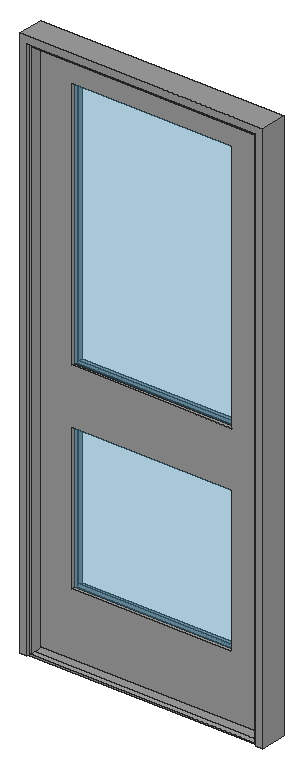
Revit family "WS-500TC-DOOR-1-CW_v04", category Curtain Panels, Revit 2015
Parameters
  Width [instance] = 3' - 2"
  URL = "obe.com"
  Rough Width [instance] = 3' - 6"
  Panel Width [instance] = [Min-Max Panel Width]  # 3' - 3 1/2"
  Panel Offset [instance] = 0' - 0"
  Offset [instance] = 0' - 1"
  Model = "WS-500TC DOOR"
  Min-Max Rough Width [instance] = if(and((Rough Width > 3' 2 1/2"), (Rough Width < 3' 8 129/256")), Rough Width, 3' 2 1/2")  # 3' - 6"
  Min-Max Panel Width [instance] = if(and((Rough Width > 3' 2 1/2"), (Rough Width < 3' 8 129/256")), Rough Width - 0' 2 1/2", 3' 0")  # 3' - 3 1/2"
  Manufacturer = "Oldcastle BuildingEnvelope®"
  Keynote = "08 11 00"
  Hinge [instance] = yes
  Height [instance] = 8' - 0"
  Pushbar Height [instance] = 3' - 5 1/4"  # constant formula
  Glass Material = Glass
  Frame Material = Aluminum
  Door Panel Height [instance] = Height - 0' 0 79/128"  # 7' - 11 49/128"
  Description = "WS-500TC - 1\" Door Infill"
  Assembly Code = "B2030"
  Analytic Construction = "<None>"
  8 Muntin [instance] = not([4 Muntin])  # yes
  8 Bottom Rail [instance] = no
  4 Muntin [instance] = no
  10 Bottom Rail [instance] = not([8 Bottom Rail])  # yes
Reference planes (in)
  plane 1 "Front": y = 0
  plane 2: z = 0
  plane 3 "Center (Left/Right)": x = 0
  plane 4 "Left": x = -19
  plane 5 "Right": x = 19
  plane 6 "Top": z = 96
  plane 7 "Offset": y = -1
  plane 8: x = -21
  plane 9: x = 21
Forms (in)
  Sweep 1, solid, material "Aluminum" <- "Frame Material"
    path origin (0, -1, 0) x (-1, 0, 0) y (0, 0, 1)
      loop
        line (-21, 96) -> (-21, 0)
    profile origin (21, -1, 48) x (0, 1, 0) y (-1, 0, 0)
      loop
        line (0, 0) -> (0, 1.25) -> (-2.376, 1.25) -> (-2.376, 1.75) -> (-4.088, 1.75) -> (-4.088, 1.25) -> (-4.50055, 1.25) -> (-4.50055, 0) -> (0, 0)
  Sweep 2, solid, material "Aluminum" <- "Frame Material"
    path origin (0, -1, 0) x (-1, 0, 0) y (0, 0, 1)
      loop
        line (21, 96) -> (21, 0)
    profile origin (-21, -1, 48) x (0, 1, 0) y (-1, 0, 0)
      loop
        line (0, 0) -> (-4.50055, 0) -> (-4.50055, -1.25) -> (-4.088, -1.25) -> (-4.088, -1.75) -> (-2.376, -1.75) -> (-2.376, -1.25) -> (0, -1.25) -> (0, 0)
  Sweep 3, solid, material "Aluminum" <- "Frame Material"
    path origin (0, -1, 0) x (-1, 0, 0) y (0, 0, 1)
      loop
        line (21, 96) -> (-21, 96)
    profile origin (0, -1, 96) x (0, 0, -1) y (0, 1, 0)
      loop
        line (1.25, 0) -> (0, 0) -> (0, -4.50055) -> (1.25, -4.50055) -> (1.25, -4.088) -> (1.75, -4.088) -> (1.75, -2.376) -> (1.25, -2.376) -> (1.25, 0)
Cuts and joins
  joined: Sweep 1, Sweep 2, Sweep 3
Text (in)
  text "Exterior" at (-54.29358, 31.38743, 0), in view "Ref. Level"
  text "Exterior" at (480, 41.53993, 89.60405), in view "Right"
  text "Exterior" at (-240, 57.82419, 105.78864), in view "Left"
Dimensions and locks (in)
  equal spacing: plane 4 "Left", plane 3 "Center (Left/Right)", plane 5 "Right"
  "Width": plane 4 "Left" to plane 5 "Right"
  "Height": plane 6 "Top" to plane 2
  "Offset": plane 7 "Offset" to plane 1 "Front"
  locked: plane 9 to nested 2 at 1.25
  locked: nested 3 to plane 8 at 1.25
  locked: plane 7 "Offset" to nested 3 at 1.24855
  locked: plane 7 "Offset" to nested 2 at 1.24855
  locked: plane 6 "Top" to nested 4 at 1.25
  locked: plane 7 "Offset" to nested 4 at 1.24855
  equal spacing: plane 8, plane 3 "Center (Left/Right)", plane 9
  "Min-Max Rough Width": plane 8 to plane 9
  aligned and locked: level to plane 2
  aligned and locked: plane 3 "Center (Left/Right)" to nested 1
  aligned and locked: nested 1 to plane 7 "Offset"
  aligned and locked: plane 2 to Sweep 1 sketch curve
  aligned and locked: plane 6 "Top" to Sweep 1 sketch curve
  aligned and locked: plane 2 to Sweep 2 sketch curve
  aligned and locked: plane 6 "Top" to Sweep 2 sketch curve
  aligned and locked: plane 6 "Top" to Sweep 3 sketch curve
  aligned and locked: plane 8 to Sweep 2 sketch curve
  aligned and locked: Sweep 1 sketch curve to plane 9
  aligned and locked: plane 9 to Sweep 3 sketch curve
  aligned and locked: plane 8 to Sweep 3 sketch curve
Automatic sketch dimensions
  Sweep 2 sketch curve to profile plane = 0' - 0"
  Sweep 2 sketch curve to plane 7 "Offset" = 0' - 0"
  Sweep 2 sketch curve to plane 7 "Offset" = 0' - 2.376"
  Sweep 2 sketch curve to Sweep 2 sketch curve = 0' - 1.712"
  Sweep 2 sketch curve to Sweep 2 sketch curve = 0' - 0.41255"
  profile plane to Sweep 2 sketch curve = 0' - 1 1/4"  (x2)
  Sweep 2 sketch curve to Sweep 2 sketch curve = 0' - 0 1/2"
  Sweep 1 sketch curve to profile plane = 0' - 0"
  Sweep 1 sketch curve to plane 7 "Offset" = 0' - 0"
  Sweep 1 sketch curve to plane 7 "Offset" = 0' - 2.376"
  Sweep 1 sketch curve to Sweep 1 sketch curve = 0' - 1.712"
  Sweep 1 sketch curve to Sweep 1 sketch curve = 0' - 0.41255"
  Sweep 1 sketch curve to profile plane = 0' - 1 1/4"
  Sweep 1 sketch curve to Sweep 1 sketch curve = 0' - 1 1/4"
  Sweep 1 sketch curve to Sweep 1 sketch curve = 0' - 0 1/2"
  Sweep 3 sketch curve to plane 7 "Offset" = 0' - 0"
  Sweep 3 sketch curve to profile plane = 0' - 0"
  Sweep 3 sketch curve to Sweep 3 sketch curve = 0' - 1 1/4"  (x2)
  Sweep 3 sketch curve to Sweep 3 sketch curve = 0' - 0 1/2"
  Sweep 3 sketch curve to Sweep 3 sketch curve = 0' - 2.376"
  Sweep 3 sketch curve to Sweep 3 sketch curve = 0' - 1.712"
  Sweep 3 sketch curve to Sweep 3 sketch curve = 0' - 0.41255"
Nested families (in)
  nested 1: "WS-500TC-DOOR-1-Panel_v03" at (0, -20, 0), Frame Material <- "Frame Material", Glass Material <- "Glass Material", Hinge <- "Hinge", Height <- "Door Panel Height", Width <- "Min-Max Panel Width", 4 Muntin <- "4 Muntin", 8 Bottom Rail <- "8 Bottom Rail", Offset <- "Panel Offset", type "WS-500TC-DOOR-1-Panel_v03"
    with built-in parameter 1001301 3' - 3 1/2", Pushbar Height 3' - 5 1/4", Offset 0' - 0", Hinge yes, built-in parameter 1001300 7' - 11 49/128", Glass at Muntin 0' - 8 9/16", Glass Material Glass, Frame Material Aluminum, Bottom Rail 0' - 10 29/32", 8 Muntin yes, 8 Bottom Rail no, 4 Muntin no, 10 Bottom Rail yes
  nested 2: "EDGE FRAME L" at (22.25, -2.24855, 0) x (-1, 0, 0) z (0, 0, 1), type "EDGE FRAME L"
  nested 3: "EDGE FRAME R" at (-22.25, -2.24855, 0) x (-1, 0, 0) z (0, 0, 1), type "EDGE FRAME R"
  nested 4: "TOP FRAME" at (0, -2.24855, 97.25) x (0, -1, 0) z (1, 0, 0), type "TOP FRAME"
Definition of nested family "WS-500TC-DOOR-1-Panel_v03"
  Parameters (values of type "WS-500TC-DOOR-1-Panel_v03")
    Width [instance] = 3' - 1 1/2"
    Pushbar Height [instance] = 3' - 5 1/4"  # constant formula
    Offset [instance] = 0' - 1"
    Hinge [instance] = yes
    Height [instance] = 8' - 0"
    Glass at Muntin [instance] = if([4 Muntin], 0' 4 9/16", 0' 8 9/16")  # 0' - 4 9/16"
    Glass Material [instance] = none
    Frame Material [instance] = none
    Bottom Rail [instance] = if([10 Bottom Rail], 0' 10 29/32", 0' 8 29/32")  # 0' - 8 29/32"
    Analytic Construction = "<None>"
    8 Muntin [instance] = not([4 Muntin])  # no
    4 Muntin [instance] = yes
    8 Bottom Rail [instance] = yes
    10 Bottom Rail [instance] = not([8 Bottom Rail])  # no
  Reference planes (in)
    plane 1 "00": y = 16.875
    plane 2: z = 0
    plane 3 "Center (Left/Right)": x = 0
    plane 4: z = 96
    plane 5: x = -18.75
    plane 6: x = 18.75
    plane 7 "Center (Front/Back)": y = 19
    plane 8 "Exterior": y = 17.375
    plane 9: z = 48
    plane 10: z = 92.96875
    plane 11: z = 90.87879
    plane 12: z = 38.96875
    plane 13: z = 43.53125
    plane 14: z = 8.90625
    plane 15 "Offset": y = 18
    plane 16: x = -13.30262
    plane 17: x = 13.30262
    plane 18: z = 41.25
  Forms (in)
    Sweep 1, solid, material <- "Frame Material"
      path origin (2.49696, 5, 0) x (1, 0, 0) y (0, 0, 1)
        loop
          line (-20.94393, 96) -> (15.95002, 96)
      profile origin (0, 5, 96) x (0, 0, 1) y (0, -1, 0)
        loop
          line (-5.53121, -12.375) -> (-5.53121, -12.99855) -> (-0.78125, -12.99855) -> (-0.78125, -10.74755) -> (-5.53121, -10.74755) -> (-5.53121, -11.375) -> (-5.12121, -11.375) -> (-5.12121, -12.375) -> (-5.53121, -12.375)
    Sweep 2, solid, material <- "Frame Material"
      path origin (2.49696, 16.875, 0) x (1, 0, 0) y (0, 0, 1)
        loop
          line (15.95002, 0) -> (-20.94393, 0)
      profile origin (0, 16.875, 0) x (0, 0, -1) y (0, -1, 0)
        loop
          line (-9.43778, 1.12745) -> (-9.43778, 0.50024) -> (-8.90649, 0.50024) -> (-8.90649, -0.49976) -> (-9.43796, -0.5) -> (-9.43796, -1.12355) -> (-8.90649, -1.12355) -> (-0.68754, -1.12355) -> (-0.68754, 1.12745) -> (-9.43778, 1.12745)
        loop
          line (-0.5, -0.86754) -> (-0.25001, -1.36755) -> (0, -1.36755) -> (0, 3.13245) -> (-0.25001, 3.13245) -> (-0.5, 2.63246) -> (-0.5, -0.86754)
    Sweep 3, solid, material <- "Frame Material"
      path origin (2.49696, 16.875, 0) x (1, 0, 0) y (0, 0, 1)
        loop
          line (16.25304, 95.21875) -> (16.25304, 0.68754)
      profile origin (18.75, 16.875, 47.95315) x (0, -1, 0) y (1, 0, 0)
        loop
          line (1.12747, -0.30303) -> (-1.15855, -0.30303) -> (-1.15855, -0.41303) -> (-1.12355, -0.41303) -> (-1.12355, -5.85258) -> (-0.5, -5.85258) -> (-0.5, -5.44258) -> (0.5, -5.44258) -> (0.5, -5.85258) -> (1.12747, -5.85258) -> (1.12747, -0.30303)
    Sweep 4, solid, material <- "Frame Material"
      path origin (2.49696, 16.875, 0) x (1, 0, 0) y (0, 0, 1)
        loop
          line (-21.24696, 95.21875) -> (-21.24696, 0.68754)
      profile origin (-18.75, 16.875, 47.95315) x (0, -1, 0) y (1, 0, 0)
        loop
          line (-1.12355, 5.85258) -> (-1.12355, 0.41303) -> (-1.15855, 0.41303) -> (-1.15855, 0.30303) -> (1.12747, 0.30303) -> (1.12747, 5.85258) -> (0.5, 5.85258) -> (0.5, 5.44738) -> (-0.5, 5.44738) -> (-0.5, 5.85258) -> (-1.12355, 5.85258)
    Sweep 5, solid, material <- "Frame Material"
      path origin (2.49696, 16.875, 0) x (1, 0, 0) y (0, 0, 1)
        loop
          line (15.95002, 48) -> (-20.94393, 48)
      profile origin (0, 16.875, 48) x (0, 0, -1) y (0, -1, 0)
        loop
          line (3.93679, 0.5) -> (4.46875, 0.5) -> (4.46875, -0.5) -> (3.93679, -0.5) -> (3.93679, -1.12355) -> (9.44125, -1.12355) -> (9.44125, -0.5) -> (9.03125, -0.5) -> (9.03125, 0.5) -> (9.44125, 0.5) -> (9.44125, 1.12745) -> (3.93679, 1.12745) -> (3.93679, 0.5)
    Extrusion 6, solid, material <- "Glass Material", detail levels coarse
      sketch origin (0, 0, 0) x (1, 0, 0) y (0, 1, 0)
        loop
          line (-13.30262, 17.375) -> (-13.30262, 16.375) -> (13.30262, 16.375) -> (13.30262, 17.375) -> (-13.30262, 17.375)
      from 43.53125 to 90.87879
    Extrusion 7, solid, material <- "Glass Material", detail levels medium+fine
      sketch origin (0, 0, 0) x (1, 0, 0) y (0, 1, 0)
        loop
          line (-13.30262, 16.375) -> (13.30262, 16.375) -> (13.30262, 16.623) -> (-13.30262, 16.623) -> (-13.30262, 16.375)
        loop
          line (13.30262, 17.375) -> (-13.30262, 17.375) -> (-13.30262, 17.127) -> (13.30262, 17.127) -> (13.30262, 17.375)
      from 43.53125 to 90.87879
    Extrusion 8, solid, material <- "Glass Material", detail levels coarse
      sketch origin (0, 0, 0) x (1, 0, 0) y (0, 1, 0)
        loop
          line (-13.30262, 17.375) -> (-13.30262, 16.375) -> (13.30262, 16.375) -> (13.30262, 17.375) -> (-13.30262, 17.375)
      from 8.90625 to 38.96875
    Extrusion 9, solid, material <- "Glass Material", detail levels medium+fine
      sketch origin (0, 0, 0) x (1, 0, 0) y (0, 1, 0)
        loop
          line (-13.30262, 17.375) -> (-13.30262, 17.127) -> (13.30262, 17.127) -> (13.30262, 17.375) -> (-13.30262, 17.375)
        loop
          line (-13.30262, 16.623) -> (-13.30262, 16.375) -> (13.30262, 16.375) -> (13.30262, 16.623) -> (-13.30262, 16.623)
      from 8.90625 to 38.96875
  Cuts and joins
    joined: Sweep 1, Sweep 2, Sweep 3, Sweep 4, Sweep 5
  Lines and regions (in)
    model lines
      curve 1: line (-12.89742, 16.875, 48) -> (12.89742, 16.875, 9.43778)
      curve 2: line (-12.89742, 16.875, 48) -> (12.89742, 16.875, 90.46879)
  Dimensions and locks (in)
    "Offset": plane 15 "Offset" to plane 7 "Center (Front/Back)"
    plane 1 "00" to plane 8 "Exterior" to plane 15 "Offset" = 0' - 0 1/2" locked, 0' - 0 5/8" locked
    equal spacing: level, plane 9, plane 4
    locked: plane 4 to plane 10 at 3.03125
    Extrusion 6 sketch curve to plane 1 "00" to Extrusion 6 sketch curve = 0' - 0 1/2" locked, 0' - 0 1/2" locked
    Extrusion 8 sketch curve to plane 1 "00" to Extrusion 8 sketch curve = 0' - 0 1/2" locked, 0' - 0 1/2" locked
    Extrusion 9 sketch curve to Extrusion 9 sketch curve to plane 1 "00" to Extrusion 9 sketch curve to Extrusion 9 sketch curve = 0' - 0.248" locked, 0' - 0.252" locked, 0' - 0.252" locked, 0' - 0.248" locked
    "Glass at Muntin": plane 12 to plane 13
    plane 11 to plane 4 = 0' - 5.12121"
    "Height": plane 4 to plane 2
    locked: plane 13 to Sweep 5 sketch curve at 0.53196  (x2)
    locked: Sweep 5 sketch curve to plane 12 at 0.41  (x2)
    locked: Sweep 1 sketch curve to plane 11 at 0.41  (x2)
    locked: plane 4 to Sweep 4 sketch curve at 0.78125
    locked: plane 4 to Sweep 3 sketch curve at 0.78125
    "Bottom Rail": plane 14 to plane 2
    locked: plane 14 to Sweep 2 sketch curve at 0.53153
    locked: Sweep 2 sketch curve to plane 14 at 0.53171
    locked: plane 5 to plane 16 at 5.44738
    locked: plane 17 to plane 6 at 5.44738
    equal spacing: plane 5, plane 3 "Center (Left/Right)", plane 6
    "Width": plane 5 to plane 6
    locked: Sweep 2 sketch curve to plane 5 at 0.30303
    locked: plane 6 to Sweep 2 sketch curve at 0.30303
    locked: plane 6 to Sweep 5 sketch curve at 0.30303
    locked: Sweep 5 sketch curve to plane 5 at 0.30303
    locked: plane 6 to Sweep 1 sketch curve at 0.30303
    locked: Sweep 1 sketch curve to plane 5 at 0.30303
    equal spacing: plane 12, plane 18, plane 13
    "Pushbar Height": plane 2 to plane 18
    locked: nested 1 to plane 15 "Offset" at 0.95037
    Extrusion 7 sketch curve to Extrusion 7 sketch curve to Extrusion 7 sketch curve to Extrusion 7 sketch curve to plane 15 "Offset" = 0' - 0.248" locked, 0' - 0.504" locked, 0' - 0.248" locked, 0' - 0 5/8" locked
    locked: plane 2 to Sweep 3 sketch curve at 0.68754
    locked: plane 2 to Sweep 4 sketch curve at 0.68754
    aligned and locked: plane 2 to level
    aligned and locked: plane 3 "Center (Left/Right)" to nested 1
    aligned and locked: Sweep 1 sketch curve to plane 4
    aligned and locked: Sweep 2 sketch curve to level
    aligned and locked: level to nested 2
    aligned and locked: nested 2 to plane 1 "00"
    aligned and locked: Sweep 5 sketch curve to plane 9
    aligned and locked: Extrusion 7 to plane 11
    aligned and locked: Extrusion 6 to plane 11
    aligned and locked: plane 13 to Extrusion 7
    aligned and locked: Extrusion 8 to plane 12
    aligned and locked: plane 9 to curve 1
    aligned and locked: Extrusion 8 to plane 14
    aligned and locked: Extrusion 6 to plane 16
    aligned and locked: Extrusion 7 to plane 16  (x2)
    aligned and locked: Extrusion 8 to plane 16
    aligned and locked: plane 17 to Extrusion 6
    aligned and locked: plane 17 to Extrusion 8
    aligned and locked: plane 17 to Extrusion 7  (x2)
    aligned and locked: plane 17 to Extrusion 9 sketch curve
    aligned and locked: Sweep 4 sketch curve to plane 5
    aligned and locked: Sweep 3 sketch curve to plane 6
    aligned and locked: plane 13 to Extrusion 6
    aligned and locked: Extrusion 9 to plane 12
  Automatic sketch dimensions
    Sweep 3 sketch curve to plane 1 "00" = 0' - 1.15855"
    Sweep 3 sketch curve to Sweep 3 sketch curve = 0' - 0.035"
    Sweep 3 sketch curve to plane 1 "00" = 0' - 0 1/2"
    plane 1 "00" to Sweep 3 sketch curve = 0' - 0 1/2"
    profile plane to Sweep 3 sketch curve = 0' - 5.85258"
    Sweep 3 sketch curve to Sweep 3 sketch curve = 0' - 0"
    Sweep 3 sketch curve to Sweep 3 sketch curve = 0' - 0.41"
    profile plane to Sweep 3 sketch curve = 0' - 0.41303"
    Sweep 3 sketch curve to Sweep 3 sketch curve = 0' - 0.11"
    Sweep 3 sketch curve to Sweep 3 sketch curve = 0' - 0.62747"
    plane 1 "00" to Sweep 1 sketch curve = 0' - 1.12745"
    profile plane to Sweep 1 sketch curve = 0' - 0 25/32"
    plane 1 "00" to Sweep 1 sketch curve = 0' - 0 1/2"
    Sweep 1 sketch curve to plane 1 "00" = 0' - 0 1/2"
    Sweep 1 sketch curve to plane 1 "00" = 0' - 1.12355"
    Sweep 1 sketch curve to Sweep 1 sketch curve = 0' - 0.41"
    plane 1 "00" to Sweep 5 sketch curve = 0' - 0 1/2"  (x2)
    Sweep 5 sketch curve to Sweep 5 sketch curve = 0' - 0.53196"
    Sweep 5 sketch curve to plane 1 "00" = 0' - 0 1/2"  (x2)
    Sweep 5 sketch curve to Sweep 5 sketch curve = 0' - 0.41"
    Sweep 5 sketch curve to Sweep 5 sketch curve = 0' - 0.62355"
    Sweep 5 sketch curve to Sweep 5 sketch curve = 0' - 0.62745"
    Sweep 2 sketch curve to profile plane = 0' - 0"
    Sweep 2 sketch curve to Sweep 2 sketch curve = 0' - 0.53128"
    Sweep 2 sketch curve to plane 1 "00" = 0' - 0.49976"
    Sweep 2 sketch curve to Sweep 2 sketch curve = 0' - 0"  (x2)
    profile plane to Sweep 2 sketch curve = 0' - 0.68754"
    profile plane to Sweep 2 sketch curve = 0' - 0 1/2"
    profile plane to Sweep 2 sketch curve = 0' - 0 1/4"  (x2)
    Sweep 2 sketch curve to Sweep 2 sketch curve = 0' - 0.62379"
    Sweep 2 sketch curve to Sweep 2 sketch curve = 0' - 0 1/2"  (x2)
    plane 1 "00" to Sweep 2 sketch curve = 0' - 0.50024"
    Sweep 2 sketch curve to Sweep 2 sketch curve = 0' - 0.62721"
    Sweep 2 sketch curve to Sweep 2 sketch curve = 0' - 1.50501"
    Sweep 2 sketch curve to plane 1 "00" = 0' - 0 1/2"
    Extrusion 6 sketch curve to plane 6 = 0' - 5.44738"
    Extrusion 7 sketch curve to plane 6 = 0' - 5.44738"
    Extrusion 7 sketch curve to Extrusion 7 sketch curve = 0' - 0"  (x2)
    Extrusion 8 sketch curve to plane 6 = 0' - 5.44738"
    Extrusion 9 sketch curve to Extrusion 9 sketch curve = 0' - 0"  (x2)
    plane 5 to Extrusion 6 sketch curve = 0' - 5.44738"
    plane 5 to Extrusion 7 sketch curve = 0' - 5.44738"
    plane 5 to Extrusion 8 sketch curve = 0' - 5.44738"
    plane 5 to Extrusion 9 sketch curve = 0' - 5.44738"
    Sweep 4 sketch curve to profile plane = 0' - 0.30303"
    Sweep 4 sketch curve to plane 1 "00" = 0' - 1.15855"
    Sweep 4 sketch curve to Sweep 4 sketch curve = 0' - 0.035"
    Sweep 4 sketch curve to plane 1 "00" = 0' - 0 1/2"
    plane 1 "00" to Sweep 4 sketch curve = 0' - 0 1/2"
    plane 1 "00" to Sweep 4 sketch curve = 0' - 1.12747"
    Sweep 4 sketch curve to Sweep 4 sketch curve = 0' - 0.11"
    Sweep 4 sketch curve to Sweep 4 sketch curve = 0' - 5.03435"
    Sweep 4 sketch curve to Sweep 4 sketch curve = 0' - 0.40521"  (x2)
    plane 16 to curve 2 = 0' - 0.40521"
    curve 2 to plane 17 = 0' - 0.40521"
    curve 1 to plane 17 = 0' - 0.40521"
    plane 14 to curve 1 = 0' - 0.53153"
    plane 11 to curve 2 = 0' - 0.41"
    Sweep 2 sketch curve to Sweep 2 sketch curve = 0' - 0.25601"
  Nested families (in)
    nested 1: "WS-500TC-1-Plan View" at (0, 17.04963, 0), Width <- "Width", Hinge <- "Hinge", type "WS-500TC-1-Plan View"
      with Width 3' - 1 1/2", Hinge yes
    nested 2: "WS-500TC-DOOR-1-Section_v02" at (0, 16.875, 0) x (0, -1, 0) z (1, 0, 0), Height <- "Height", 4 Muntin <- "4 Muntin", 8 Muntin <- "8 Muntin", 8 Bottom Rail <- "8 Bottom Rail", type "WS-500TC-DOOR-1-Section_v02"
      with Pushbar Height 3' - 5 1/4", Height 8' - 0", Glass at Muntins 0' - 4 9/16", Bottom Rail 0' - 8 29/32", 8 Muntin no, 8 Bottom Rail yes, 4 Muntin yes, 10 Bottom Rail no
  Definition of nested family "WS-500TC-1-Plan View"
    Parameters (values of type "WS-500TC-1-Plan View")
      Width [instance] = 3' - 6"
      Hinge [instance] = yes
    Reference planes (in)
      plane 1 "Center (Front/Back)": y = 0
      plane 2: z = 0
      plane 3 "Center (Left/Right)": x = 0
      plane 4: x = -21
      plane 5: x = 21
      plane 6: x = 19.24061
      plane 7: y = 42
      plane 8: y = 36.56046
    Lines and regions (in)
      detail lines, in view "Ref. Level", not visible
        curve 1: line (-15.55742, 0.5, 0) -> (15.55742, 0.5, 0)
        curve 2: line (15.55742, 0.252, 0) -> (-15.55742, 0.252, 0)
        curve 3: line (-15.55742, -0.252, 0) -> (15.55742, -0.252, 0)
        curve 4: line (15.55742, -0.5, 0) -> (-15.55742, -0.5, 0)
      detail lines, in view "Ref. Level"
        curve 5: line (18.74061, 36.56046, 0) -> (18.74061, 6.60141, 0)
        curve 14: line (19.74061, 36.56046, 0) -> (19.74061, 6.60141, 0)
        curve 15: arc (-20.69697, 1.15855, 0) -> (-8.71414, 29.29498, 0) -> (19.24061, 41.69575, 0) r 41.71251
      detail lines, in view "Ref. Level", detail levels fine
        curve 6: line (18.80261, 36.56046, 0) -> (18.80261, 6.60141, 0)
        curve 7: line (18.86461, 36.56046, 0) -> (18.86461, 6.60141, 0)
        curve 8: line (18.92661, 36.56046, 0) -> (18.92661, 6.60141, 0)
        curve 11: line (19.55461, 36.56046, 0) -> (19.55461, 6.60141, 0)
        curve 12: line (19.61661, 36.56046, 0) -> (19.61661, 6.60141, 0)
        curve 13: line (19.67861, 36.56046, 0) -> (19.67861, 6.60141, 0)
      detail lines, in view "Ref. Level", detail levels medium+fine
        curve 9: line (18.98861, 36.56046, 0) -> (18.98861, 6.60141, 0)
        curve 10: line (19.49261, 36.56046, 0) -> (19.49261, 6.60141, 0)
    Dimensions and locks (in)
      "Width": plane 1 "Center (Front/Back)" to plane 7
      "Width": plane 4 to plane 5
      equal spacing: plane 4, plane 3 "Center (Left/Right)", plane 5
      locked: nested 4 to plane 4 at 2.49696
      plane 8 to plane 7 to nested 5 = 0' - 5.43954" locked, 0' - 2 1/2" locked
      nested 2 to nested 1 to plane 1 "Center (Front/Back)" = 0' - 0.09545" locked, 0' - 1.24268" locked
      plane 6 to plane 5 to nested 1 to nested 3 = 0' - 1.75939" locked, 0' - 1.69941" locked, 0' - 0.79755" locked
      aligned and locked: plane 1 "Center (Front/Back)" to nested 4
      aligned and locked: nested 3 to plane 1 "Center (Front/Back)"
      aligned and locked: nested 2 to plane 6
      aligned and locked: plane 6 to nested 5
    Automatic sketch dimensions
      plane 8 to curve 5 = 0' - 0"
      plane 8 to curve 6 = 0' - 0"
      plane 8 to curve 7 = 0' - 0"
      plane 8 to curve 8 = 0' - 0"
      plane 8 to curve 9 = 0' - 0"
      plane 8 to curve 10 = 0' - 0"
      plane 8 to curve 11 = 0' - 0"
      plane 8 to curve 12 = 0' - 0"
      plane 8 to curve 13 = 0' - 0"
      plane 8 to curve 14 = 0' - 0"
      curve 15 to plane 5 = 0' - 0"
      curve 15 to plane 1 "Center (Front/Back)" = 0' - 0.02037"
      curve 14 to plane 6 = 0' - 0 1/2"
      curve 13 to curve 14 = 0' - 0.062"
      curve 12 to curve 13 = 0' - 0.062"
      curve 11 to curve 12 = 0' - 0.062"
      curve 10 to curve 11 = 0' - 0.062"
      curve 15 to plane 6 = 0' - 0"
      plane 6 to curve 9 = 0' - 0.252"
      curve 8 to curve 9 = 0' - 0.062"
      curve 7 to curve 8 = 0' - 0.062"
      curve 6 to curve 7 = 0' - 0.062"
      curve 5 to curve 6 = 0' - 0.062"
      plane 1 "Center (Front/Back)" to curve 3 = 0' - 0.252"
      plane 6 to curve 3 = 0' - 3.68319"
      curve 1 to curve 3 = 0' - 0"
      curve 2 to curve 1 = 0' - 0"
      curve 4 to curve 3 = 0' - 0"  (x2)
      plane 4 to curve 3 = 0' - 5.44258"
      curve 2 to curve 3 = 0' - 0"
      curve 1 to curve 2 = 0' - 0"
      plane 4 to curve 15 = 0' - 0.30303"
      curve 5 to plane 1 "Center (Front/Back)" = 0' - 6.60141"
      curve 5 to curve 12 = 0' - 0"
      curve 10 to curve 12 = 0' - 0"
      curve 12 to curve 13 = 0' - 0"
      curve 5 to curve 9 = 0' - 0"
      curve 5 to curve 6 = 0' - 0"
      curve 8 to curve 9 = 0' - 0"
      curve 13 to curve 14 = 0' - 0"
      curve 6 to curve 7 = 0' - 0"
      curve 11 to curve 12 = 0' - 0"
      curve 15 to plane 1 "Center (Front/Back)" = 0' - 1.15855"
      curve 1 to plane 1 "Center (Front/Back)" = 0' - 0 1/2"
      curve 2 to curve 1 = 0' - 0.248"
      curve 4 to curve 3 = 0' - 0.248"
    Nested families (in)
      nested 1: "HINGE-DI" at (22.69941, -1.24268, 0), visible <- "Hinge", type "HINGE-DI", in view "Ref. Level"
      nested 2: "HINGE-HD-DI" at (19.24061, -1.33813, 0) x (0, 1, 0) z (0, 0, 1), type "HINGE-HD-DI", in view "Ref. Level"
      nested 3: "HINGE-HD-DI" at (23.49696, 0, 0) x (-1, 0, 0) z (0, 0, 1), type "HINGE-HD-DI", in view "Ref. Level", not visible
      nested 4: "HINGE-HD-DI" at (-23.49696, 0, 0), type "HINGE-HD-DI", in view "Ref. Level", not visible
      nested 5: "HINGE-HD-DI" at (19.24061, 44.5, 0) x (0, -1, 0) z (0, 0, 1), type "HINGE-HD-DI", in view "Ref. Level"
    Definition of nested family "HINGE-DI"
      Reference planes (in)
        plane 1 "Center (Front/Back)": y = 0
        plane 2: z = 0
        plane 3 "Center (Left/Right)": x = 0
    Definition of nested family "HINGE-HD-DI"
      Reference planes (in)
        plane 1 "Center (Front/Back)": y = 0
        plane 2: z = 0
        plane 3 "Center (Left/Right)": x = 0
      Lines and regions (in)
        detail lines, in view "Ref. Level"
          curve 1: line (2.79998, 1.12747, 0) -> (8.34954, 1.12747, 0)
          curve 2: line (8.34954, 1.12747, 0) -> (8.34954, 0.5, 0)
          curve 3: line (8.34954, 0.5, 0) -> (7.93954, 0.5, 0)
          curve 4: line (7.93954, 0.5, 0) -> (7.93954, -0.5, 0)
          curve 5: line (7.93954, -0.5, 0) -> (8.34954, -0.5, 0)
          curve 6: line (8.34954, -0.5, 0) -> (8.34954, -1.12355, 0)
          curve 7: line (8.34954, -1.12355, 0) -> (2.90998, -1.12355, 0)
          curve 8: line (2.90998, -1.12355, 0) -> (2.90998, -1.15855, 0)
          curve 9: line (2.90998, -1.15855, 0) -> (2.79998, -1.15855, 0)
          curve 10: line (2.79998, -1.15855, 0) -> (2.79998, 1.12747, 0)
  Definition of nested family "WS-500TC-DOOR-1-Section_v02"
    Parameters (values of type "WS-500TC-DOOR-Double-1-Section_v02")
      Pushbar Height [instance] = 3' - 5 1/4"  # constant formula
      Height [instance] = 8' - 0"
      Glass at Muntins [instance] = if([4 Muntin], 0' 4 9/16", 0' 8 9/16")  # 0' - 4 9/16"
      Bottom Rail [instance] = if([10 Bottom Rail], 0' 10 29/32", 0' 8 29/32")  # 0' - 8 29/32"
      8 Muntin [instance] = not([4 Muntin])  # no
      8 Bottom Rail [instance] = yes
      4 Muntin [instance] = yes
      10 Bottom Rail [instance] = not([8 Bottom Rail])  # no
    Reference planes (in)
      plane 1 "Center (Front/Back)": y = 0
      plane 2: z = 0
      plane 3 "Center (Left/Right)": x = 0
      plane 4: y = 90.94129
      plane 5: y = 43.53125
      plane 6: y = 38.96875
      plane 7: y = 44.06321
      plane 8: y = 96
      plane 9: y = 8.90625
      plane 10: y = 41.25
    Lines and regions (in)
      detail lines, in view "Ref. Level"
        curve 1: line (-0.5, 38.96875, 0) -> (-0.5, 8.90625, 0)
        curve 10: line (0.5, 38.96875, 0) -> (0.5, 8.90625, 0)
        curve 11: line (-0.5, 90.94129, 0) -> (-0.5, 43.53125, 0)
        curve 20: line (0.5, 90.94129, 0) -> (0.5, 43.53125, 0)
      detail lines, in view "Ref. Level", detail levels fine
        curve 2: line (-0.438, 38.96875, 0) -> (-0.438, 8.90625, 0)
        curve 3: line (-0.376, 38.96875, 0) -> (-0.376, 8.90625, 0)
        curve 4: line (-0.314, 38.96875, 0) -> (-0.314, 8.90625, 0)
        curve 7: line (0.314, 38.96875, 0) -> (0.314, 8.90625, 0)
        curve 8: line (0.376, 38.96875, 0) -> (0.376, 8.90625, 0)
        curve 9: line (0.438, 38.96875, 0) -> (0.438, 8.90625, 0)
        curve 12: line (-0.438, 90.94129, 0) -> (-0.438, 43.53125, 0)
        curve 13: line (-0.376, 90.94129, 0) -> (-0.376, 43.53125, 0)
        curve 14: line (-0.314, 90.94129, 0) -> (-0.314, 43.53125, 0)
        curve 17: line (0.314, 90.94129, 0) -> (0.314, 43.53125, 0)
        curve 18: line (0.376, 90.94129, 0) -> (0.376, 43.53125, 0)
        curve 19: line (0.438, 90.94129, 0) -> (0.438, 43.53125, 0)
      detail lines, in view "Ref. Level", detail levels medium+fine
        curve 5: line (-0.252, 38.96875, 0) -> (-0.252, 8.90625, 0)
        curve 6: line (0.252, 38.96875, 0) -> (0.252, 8.90625, 0)
        curve 15: line (-0.252, 90.94129, 0) -> (-0.252, 43.53125, 0)
        curve 16: line (0.252, 90.94129, 0) -> (0.252, 43.53125, 0)
    Dimensions and locks (in)
      locked: plane 5 to plane 7 at 0.53196
      nested 1 to plane 8 to plane 4 = 0' - 3 5/32" locked, 0' - 5.05871" locked
      "Height": plane 1 "Center (Front/Back)" to plane 8
      "Glass at Muntins": plane 6 to plane 5
      "Bottom Rail": plane 1 "Center (Front/Back)" to plane 9
      equal spacing: plane 6, plane 10, plane 5
      "Pushbar Height": plane 1 "Center (Front/Back)" to plane 10
      aligned and locked: plane 3 "Center (Left/Right)" to nested 2
      aligned and locked: plane 3 "Center (Left/Right)" to nested 3
      aligned and locked: plane 7 to nested 4
      aligned and locked: plane 3 "Center (Left/Right)" to nested 4
      aligned and locked: plane 7 to nested 5
      aligned and locked: plane 3 "Center (Left/Right)" to nested 5
      aligned and locked: plane 6 to curve 1
      aligned and locked: plane 6 to curve 2
      aligned and locked: plane 6 to curve 3
      aligned and locked: plane 6 to curve 4
      aligned and locked: plane 6 to curve 5
      aligned and locked: plane 6 to curve 10
      aligned and locked: plane 6 to curve 8
      aligned and locked: plane 6 to curve 9
      aligned and locked: plane 6 to curve 7
      aligned and locked: plane 6 to curve 6
      aligned and locked: plane 5 to curve 11
      aligned and locked: plane 5 to curve 12
      aligned and locked: plane 5 to curve 13
      aligned and locked: plane 5 to curve 14
      aligned and locked: plane 5 to curve 15
      aligned and locked: plane 5 to curve 16
      aligned and locked: plane 5 to curve 17
      aligned and locked: plane 5 to curve 18
      aligned and locked: plane 5 to curve 19
      aligned and locked: plane 5 to curve 20
      aligned and locked: plane 4 to curve 11
      aligned and locked: plane 4 to curve 12
      aligned and locked: plane 4 to curve 13
      aligned and locked: plane 4 to curve 14
      aligned and locked: plane 4 to curve 15
      aligned and locked: plane 4 to curve 16
      aligned and locked: plane 4 to curve 17
      aligned and locked: plane 4 to curve 18
      aligned and locked: plane 4 to curve 19
      aligned and locked: plane 4 to curve 20
      aligned and locked: plane 9 to curve 1
      aligned and locked: plane 9 to curve 2
      aligned and locked: plane 9 to curve 3
      aligned and locked: plane 9 to curve 4
      aligned and locked: plane 9 to curve 5
      aligned and locked: plane 9 to curve 6
      aligned and locked: plane 9 to curve 7
      aligned and locked: plane 9 to curve 8
      aligned and locked: plane 9 to curve 9
      aligned and locked: plane 9 to curve 10
      aligned and locked: plane 3 "Center (Left/Right)" to nested 1
      aligned and locked: nested 3 to plane 1 "Center (Front/Back)"
    Automatic sketch dimensions
      curve 1 to plane 3 "Center (Left/Right)" = 0' - 0 1/2"
      curve 11 to plane 3 "Center (Left/Right)" = 0' - 0 1/2"
      curve 1 to curve 2 = 0' - 0.062"
      curve 11 to curve 12 = 0' - 0.062"
      curve 2 to curve 3 = 0' - 0.062"
      curve 12 to curve 13 = 0' - 0.062"
      curve 13 to curve 14 = 0' - 0.062"
      curve 3 to curve 4 = 0' - 0.062"
      curve 14 to curve 15 = 0' - 0.062"
      curve 4 to curve 5 = 0' - 0.062"
      plane 3 "Center (Left/Right)" to curve 6 = 0' - 0.252"
      plane 3 "Center (Left/Right)" to curve 16 = 0' - 0.252"
      curve 6 to curve 7 = 0' - 0.062"
      curve 16 to curve 17 = 0' - 0.062"
      curve 17 to curve 18 = 0' - 0.062"
      curve 7 to curve 8 = 0' - 0.062"
      curve 8 to curve 9 = 0' - 0.062"
      curve 18 to curve 19 = 0' - 0.062"
      curve 19 to curve 20 = 0' - 0.062"
      curve 9 to curve 10 = 0' - 0.062"
    Nested families (in)
      nested 1: "TOP RAIL-DI" at (0, 99.15625, 0), type "TOP RAIL-DI", in view "Ref. Level"
      nested 2: "8 BOT RAIL-DI" at (0, 9.4375, 0), visible <- "8 Bottom Rail", type "8 BOTTOM RAIL", in view "Ref. Level"
      nested 3: "10 BOT RAIL-DI" at (0, 11.43796, 0), visible <- "10 Bottom Rail", type "10 BOTTOM RAIL", in view "Ref. Level"
      nested 4: "4 MUNTIN-DI" at (0, 44.06321, 0), visible <- "4 Muntin", type "4 MUNTIN-DI", in view "Ref. Level"
      nested 5: "8 MUNTIN-DI" at (0, 44.06321, 0), visible <- "8 Muntin", type "8 MUNTIN-DI", in view "Ref. Level"
    Definition of nested family "TOP RAIL-DI"
      Reference planes (in)
        plane 1 "Center (Front/Back)": y = 0
        plane 2: z = 0
        plane 3 "Center (Left/Right)": x = 0
      Lines and regions (in)
        detail lines, in view "Ref. Level"
          curve 1: line (-1.12355, -3.875, 0) -> (1.12745, -3.875, 0)
          curve 2: line (1.12745, -3.875, 0) -> (1.12745, -8.62496, 0)
          curve 3: line (1.12745, -8.62496, 0) -> (0.5, -8.62496, 0)
          curve 4: line (0.5, -8.62496, 0) -> (0.5, -8.21496, 0)
          curve 5: line (0.5, -8.21496, 0) -> (-0.5, -8.21496, 0)
          curve 6: line (-0.5, -8.21496, 0) -> (-0.5, -8.62496, 0)
          curve 7: line (-0.5, -8.62496, 0) -> (-1.12355, -8.62496, 0)
          curve 8: line (-1.12355, -8.62496, 0) -> (-1.12355, -3.875, 0)
    Definition of nested family "8 BOT RAIL-DI"
      Reference planes (in)
        plane 1 "Center (Front/Back)": y = 0
        plane 2: z = 0
        plane 3 "Center (Left/Right)": x = 0
      Lines and regions (in)
        detail lines, in view "Ref. Level"
          curve 1: line (-1.12355, 0, 0) -> (-0.5, 0, 0)
          curve 2: line (-0.5, 0, 0) -> (-0.5, -0.53196, 0)
          curve 3: line (-0.5, -0.53196, 0) -> (0.5, -0.53196, 0)
          curve 4: line (0.5, -0.53196, 0) -> (0.5, 0, 0)
          curve 5: line (0.5, 0, 0) -> (1.12745, 0, 0)
          curve 6: line (1.12745, 0, 0) -> (1.12745, -8.74996, 0)
          curve 7: line (1.12745, -8.74996, 0) -> (-1.12355, -8.74996, 0)
          curve 8: line (-1.12355, -8.74996, 0) -> (-1.12355, 0, 0)
          curve 9: line (-0.86756, -8.93796, 0) -> (-1.36755, -9.18795, 0)
          curve 10: line (-1.36755, -9.18795, 0) -> (-1.36755, -9.43796, 0)
          curve 11: line (-1.36755, -9.43796, 0) -> (3.13245, -9.43796, 0)
          curve 12: line (3.13245, -9.43796, 0) -> (3.13245, -9.18795, 0)
          curve 13: line (3.13245, -9.18795, 0) -> (2.63246, -8.93796, 0)
          curve 14: line (2.63246, -8.93796, 0) -> (-0.86756, -8.93796, 0)
    Definition of nested family "10 BOT RAIL-DI"
      Reference planes (in)
        plane 1 "Center (Front/Back)": y = 0
        plane 2: z = 0
        plane 3 "Center (Left/Right)": x = 0
      Lines and regions (in)
        detail lines, in view "Ref. Level"
          curve 1: line (-1.12355, 0, 0) -> (-0.5, 0, 0)
          curve 2: line (-0.5, 0, 0) -> (-0.5, -0.53196, 0)
          curve 3: line (-0.5, -0.53196, 0) -> (0.5, -0.53196, 0)
          curve 4: line (0.5, -0.53196, 0) -> (0.5, 0, 0)
          curve 5: line (0.5, 0, 0) -> (1.12745, 0, 0)
          curve 6: line (1.12745, 0, 0) -> (1.12745, -10.74996, 0)
          curve 7: line (1.12745, -10.74996, 0) -> (-1.12355, -10.74996, 0)
          curve 8: line (-1.12355, -10.74996, 0) -> (-1.12355, 0, 0)
          curve 9: line (2.63246, -10.93796, 0) -> (-0.86754, -10.93796, 0)
          curve 10: line (-0.86754, -10.93796, 0) -> (-1.36755, -11.18795, 0)
          curve 11: line (-1.36755, -11.18795, 0) -> (-1.36755, -11.43796, 0)
          curve 12: line (-1.36755, -11.43796, 0) -> (3.13245, -11.43796, 0)
          curve 13: line (3.13245, -11.43796, 0) -> (3.13245, -11.18795, 0)
          curve 14: line (3.13245, -11.18795, 0) -> (2.63246, -10.93796, 0)
    Definition of nested family "4 MUNTIN-DI"
      Reference planes (in)
        plane 1 "Center (Front/Back)": y = 0
        plane 2: z = 0
        plane 3 "Center (Left/Right)": x = 0
      Lines and regions (in)
        detail lines, in view "Ref. Level"
          curve 1: line (-1.12355, 0, 0) -> (-0.5, 0, 0)
          curve 2: line (-0.5, 0, 0) -> (-0.5, -0.53196, 0)
          curve 3: line (-0.5, -0.53196, 0) -> (0.5, -0.53196, 0)
          curve 4: line (0.5, -0.53196, 0) -> (0.5, 0, 0)
          curve 5: line (0.5, 0, 0) -> (1.12745, 0, 0)
          curve 6: line (1.12745, 0, 0) -> (1.12745, -5.49992, 0)
          curve 7: line (1.12745, -5.49992, 0) -> (0.5, -5.49992, 0)
          curve 8: line (0.5, -5.49992, 0) -> (0.5, -5.08992, 0)
          curve 9: line (0.5, -5.08992, 0) -> (-0.5, -5.08992, 0)
          curve 10: line (-0.5, -5.08992, 0) -> (-0.5, -5.49992, 0)
          curve 11: line (-0.5, -5.49992, 0) -> (-1.12355, -5.49992, 0)
          curve 12: line (-1.12355, -5.49992, 0) -> (-1.12355, 0, 0)
    Definition of nested family "8 MUNTIN-DI"
      Reference planes (in)
        plane 1 "Center (Front/Back)": y = 0
        plane 2: z = 0
        plane 3 "Center (Left/Right)": x = 0
      Lines and regions (in)
        detail lines, in view "Ref. Level"
          curve 1: line (0.5, 0, 0) -> (1.12745, 0, 0)
          curve 2: line (1.12745, 0, 0) -> (1.12745, -9.49992, 0)
          curve 3: line (1.12745, -9.49992, 0) -> (0.5, -9.49992, 0)
          curve 4: line (0.5, -9.49992, 0) -> (0.5, -9.08992, 0)
          curve 5: line (0.5, -9.08992, 0) -> (-0.5, -9.08992, 0)
          curve 6: line (-0.5, -9.08992, 0) -> (-0.5, -9.49992, 0)
          curve 7: line (-0.5, -9.49992, 0) -> (-1.12355, -9.49992, 0)
          curve 8: line (-1.12355, -9.49992, 0) -> (-1.12355, 0, 0)
          curve 9: line (-1.12355, 0, 0) -> (-0.5, 0, 0)
          curve 10: line (-0.5, 0, 0) -> (-0.5, -0.53196, 0)
          curve 11: line (-0.5, -0.53196, 0) -> (0.5, -0.53196, 0)
          curve 12: line (0.5, -0.53196, 0) -> (0.5, 0, 0)
Definition of nested family "EDGE FRAME L"
  Reference planes (in)
    plane 1 "Center (Front/Back)": y = 0
    plane 2: z = 0
    plane 3 "Center (Left/Right)": x = 0
  Lines and regions (in)
    detail lines, in view "Ref. Level"
      curve 1: line (2.5, -1.24855, 0) -> (2.5, 1.12745, 0)
      curve 2: line (2.5, 1.12745, 0) -> (3, 1.12745, 0)
      curve 3: line (3, 1.12745, 0) -> (3, 2.83945, 0)
      curve 4: line (3, 2.83945, 0) -> (2.5, 2.83945, 0)
      curve 5: line (2.5, 2.83945, 0) -> (2.5, 3.25145, 0)
      curve 6: line (2.5, 3.25145, 0) -> (1.25, 3.25145, 0)
      curve 7: line (1.25, 3.25145, 0) -> (1.25, -1.24855, 0)
      curve 8: line (1.25, -1.24855, 0) -> (2.5, -1.24855, 0)
Definition of nested family "EDGE FRAME R"
  Reference planes (in)
    plane 1 "Center (Front/Back)": y = 0
    plane 2: z = 0
    plane 3 "Center (Left/Right)": x = 0
  Lines and regions (in)
    detail lines, in view "Ref. Level"
      curve 1: line (-2.5, -1.24855, 0) -> (-2.5, 1.12745, 0)
      curve 2: line (-2.5, 1.12745, 0) -> (-3, 1.12745, 0)
      curve 3: line (-3, 1.12745, 0) -> (-3, 2.83945, 0)
      curve 4: line (-3, 2.83945, 0) -> (-2.5, 2.83945, 0)
      curve 5: line (-2.5, 2.83945, 0) -> (-2.5, 3.25145, 0)
      curve 6: line (-2.5, 3.25145, 0) -> (-1.25, 3.25145, 0)
      curve 7: line (-1.25, 3.25145, 0) -> (-1.25, -1.24855, 0)
      curve 8: line (-1.25, -1.24855, 0) -> (-2.5, -1.24855, 0)
Definition of nested family "TOP FRAME"
  Reference planes (in)
    plane 1 "Center (Front/Back)": y = 0
    plane 2: z = 0
    plane 3 "Center (Left/Right)": x = 0
  Lines and regions (in)
    detail lines, in view "Ref. Level"
      curve 1: line (-1.24855, -2.5, 0) -> (1.12745, -2.5, 0)
      curve 2: line (1.12745, -2.5, 0) -> (1.12745, -3, 0)
      curve 3: line (1.12745, -3, 0) -> (2.83945, -3, 0)
      curve 4: line (2.83945, -3, 0) -> (2.83945, -2.5, 0)
      curve 5: line (2.83945, -2.5, 0) -> (3.25145, -2.5, 0)
      curve 6: line (3.25145, -2.5, 0) -> (3.25145, -1.25, 0)
      curve 7: line (3.25145, -1.25, 0) -> (-1.24855, -1.25, 0)
      curve 8: line (-1.24855, -1.25, 0) -> (-1.24855, -2.5, 0)
